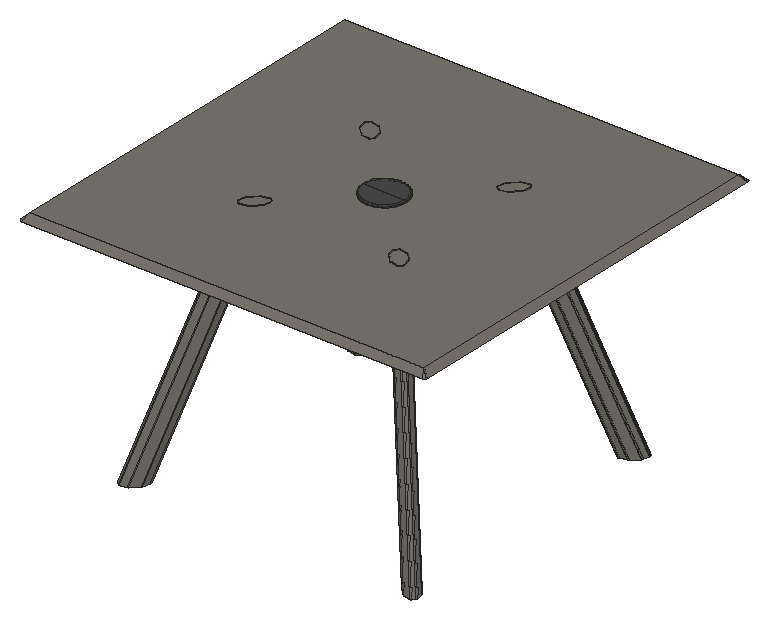
Revit family "Table-Square-Teknion-STBSQ_Qui_With_Power-R2014", category Furniture, Revit 2014 (continued)
Automatic sketch dimensions
  Blend 8 sketch curve to Blend 8 sketch curve = 0.13936"  (x6)
  Blend 8 sketch curve to Blend 8 sketch curve = 0.74357"  (x4)
  Blend 8 sketch curve to Blend 8 sketch curve = 0.07277"  (x5)
  Blend 8 sketch curve to Blend 8 sketch curve = 0.76393"  (x4)
  Blend 8 sketch curve to plane 4 "Left" = 5.5456"
  Blend 8 sketch curve to plane 4 "Left" = 5.61837"
  Blend 8 sketch curve to plane 4 "Left" = 6.38231"
  Blend 8 sketch curve to Blend 8 sketch curve = 0.10607"  (x11)
  Blend 8 sketch curve to Blend 8 sketch curve = 0.03329"  (x3)
  Blend 8 sketch curve to Blend 8 sketch curve = 0.14626"  (x2)
  plane 3 "Center L/R" to Blend 8 sketch curve = 7.3804"
  plane 3 "Center L/R" to Blend 8 sketch curve = 7.30762"
Nested families (in)
  nested 1: "Outlet-Power-Teknion" at (0, 0, 25.5), Power Finish <- "Power Finish", type "Outlet"
Connectors (in)
  electrical at (0, 0, 0), driven by "Voltage", driven by "Power Factor", driven by "Number of Poles", driven by "Apparent Load", driven by "Connector Description"
    settings: index 1, voltage 125 V, apparent load 0 VA, apparent load phase1 1250 VA, apparent load phase2 0 VA, apparent load phase3 0 VA, power factor 1, load classification "Other", number of poles 1, system type 31, power factor state 1, is connector primary yes, connector utility no, sub classification motor no, connector description "Power Connector"
Definition of nested family "Outlet-Power-Teknion"
  Parameters (values of type "Outlet")
    Power Finish [instance] = Plastic - StudioTK - 8B - Ebony
  Reference planes (in)
    plane 1 "Center (Front/Back)": y = 0
    plane 2: z = 0
    plane 3 "Center (Left/Right)": x = 0
    plane 4 "Top": z = 0.17498
  Forms (in)
    Revolve 1, solid, material "Plastic - StudioTK - 8B - Ebony" <- "Power Finish"
      sketch origin (0, 0, 0) x (1, 0, 0) y (0, 0, 1)
        loop
          line (0, 0.17498) -> (0, -0.40065) -> (2.25001, -0.40065) -> (2.25001, 0.07882)
          arc (2.25001, 0.07882) -> (2.22184, 0.14682) -> (2.15385, 0.17498) r 0.09616
          line (2.15385, 0.17498) -> (0, 0.17498)
        axis (0, 0.17498) -> (0, -0.40065)
      angle from 0 to 360
    Extrusion 2, solid, material "Plastic - StudioTK - 8B - Ebony" <- "Power Finish"
      sketch origin (0.00001, 0, 0.17498) x (1, 0, 0) y (0, 1, 0)
        loop
          circle (-0.00001, 0) r 2.25001
      from -0.60285 to -0.57564
  Cuts and joins
    joined: Revolve 1, Extrusion 2
  Lines and regions (in)
    model lines
      curve 1: circle (-0.96787, 0.55311, 0.17498) r 0.75845 normal (0, 0, 1)
      curve 2: circle (0.97016, 0.55311, 0.17498) r 0.75845 normal (0, 0, 1)
      curve 3: circle (0, -1.12401, 0.17498) r 0.75845 normal (0, 0, 1)
  Dimensions and locks (in)
    locked: Revolve 1 sketch curve to plane 3 "Center (Left/Right)" at 2.25001
    locked: plane 4 "Top" to plane 2 at 0.17498
    curve 1 to plane 3 "Center (Left/Right)" to curve 2 = 0.96787" locked, 0.97016" locked
    locked: plane 1 "Center (Front/Back)" to curve 1 at 0.55311
    locked: plane 1 "Center (Front/Back)" to curve 2 at 0.55311
    locked: curve 3 to plane 1 "Center (Front/Back)" at 1.12401
    locked: plane 4 "Top" to Revolve 1 sketch curve at 0.57564
    locked: plane 2 to Extrusion 2 at 0.42786
    aligned and locked: level to plane 2
    aligned and locked: Revolve 1 sketch curve to plane 3 "Center (Left/Right)"
    aligned and locked: Extrusion 2 sketch curve to Revolve 1  (x2)
    aligned and locked: Extrusion 2 to Revolve 1
Types (2): name | Model | Height | Description
  25.5" High | "STBSQE25P" | 25.500" | "Qui Square Table With Power, 42\"w / 107cm, 25.5\"h / 65cm"
  29" High | "STBSQE29P" | 29.000" | "Qui Square Table With Power, 42\"w / 107cm, 29\"h / 74cm"
